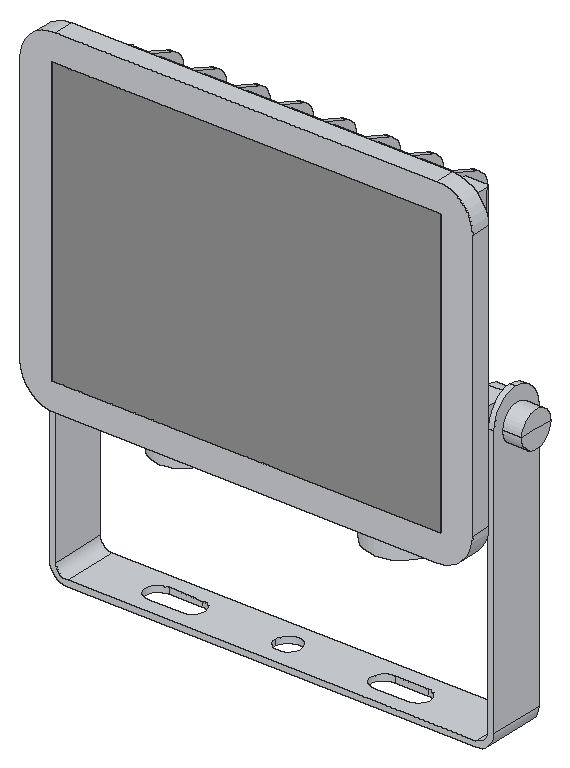
Revit family "0047102", category Lighting Fixtures, Revit 2017
Family settings
  Round Connector Dimension = Use Diameter
  Part Type = Normal
  OmniClass Number = 23.80.70.00
  OmniClass Title = Lighting
  Work Plane-Based = No
  Always vertical = Yes
  Cut with Voids When Loaded = No
  Light Source = Yes
  Shared = No
  Room Calculation Point = No
Parameters (values of type "0047102 SYLFLOOD IP65 1850LM 830 BLACK")
  Weight = "2.34 kg"
  Wattage = 18 W
  WarrantyStartDate [instance] = "n/a"
  WarrantyGuarantorParts = "n/a"
  WarrantyDurationUnit = "n/a"
  WarrantyDurationParts = "n/a"
  WarrantyDescription = "n/a"
  built-in parameter 1150110 = 1 (stored number, unit not read)
  Voltage = 0 V
  URL = "http://www.sylvania-lighting.com"
  TypeName = "SylFlood IP65 1850LM 830 Black"
  built-in parameter 1114217 = 1 (stored number, unit not read)
  Tilt Angle = 0.00°
  built-in parameter 1150109 = 1 (stored number, unit not read)
  built-in parameter 1150134 = (empty or 0)
  built-in parameter 1150113 = 1 (stored number, unit not read)
  SerialNumber [instance] = "n/a"
  PowerFactor = 0.9
  PowerConsumption = "18 W"
  Photometric Web File = "0047102.ies"
  NominalWidth = 0 mm
  NominalLength = 110 mm
  NominalHeight = 26 mm
  Name = "SylFlood IP65 1850LM 830 Black"
  ModelReference = "SylFlood IP65 1850LM 830 Black"
  ModelNumber = "0047102"
  Model = "SylFlood IP65 1850LM 830 Black"
  Material_4_FEILO = none
  Material_3_FEILO = none
  Material_2_FEILO = Default New Material
  Material_1_FEILO = none
  Material = "n/a"
  ManufacturerName = "Feilo Sylvania"
  Manufacturer = "Feilo Sylvania"
  LuminousEfficacy = "103 lm/W"
  Lumens = 1854 lm
  LuminaireType = ""
  built-in parameter 1150115 = 1 (stored number, unit not read)
  built-in parameter 1150105 = -1333545.1 (stored number, unit not read)
  LightOutputRatio = "n/a"
  built-in parameter 1150137 = (empty or 0)
  built-in parameter 1150139 = (empty or 0)
  LampsType = "LED"
  LampNominalLuminous = "1850 lm"
  LampMacAdamStep = "5"
  LampColourTemperature = "3000 K"
  LampColourRenderingIndex = "80"
  built-in parameter 1150112 = 1 (stored number, unit not read)
  built-in parameter 1150114 = 1 (stored number, unit not read)
  Lamp = "LED"
  LUM_WIDTH_SYL = 57 mm  # constant formula
  LUM_HEIGHT_SYL = 43 mm  # constant formula
  LUM_EXTR_ST_SYL = -5 mm
  LUM_EXTR_END_SYL = 0 mm
  LUM_DEPTH_SYL = 28 mm
  Keynote = "16500"
  InstallationDate [instance] = "n/a"
  InputVoltage = "n/a"
  InputNominalFrequency = "n/a"
  built-in parameter 1150132 = 2
  built-in parameter 1150102 = (empty or 0)
  built-in parameter 1150138 = (empty or 0)
  built-in parameter 1150107 = 3000 (stored number, unit not read)
  IngressProtection = "IP65"
  ImpactProtectionIndex = "IK06"
  built-in parameter 1150106 = -13335.5 (stored number, unit not read)
  IfcExportType = "IfcLightFixtureType"
  IfcExportAs = "IfcLightFixtureType"
  ElectricShockClassification = "Class I"
  built-in parameter 1150104 = 9.569 (stored number, unit not read)
  DocumentationLiterature = "http://www.sylvania-lighting.com/product/en-int/products/0047102"
  DimmingControlOptions = "n/a"
  Dimming Lamp Color Temperature Shift = <None>
  DIF_WIDTH_SYL = 49 mm  # constant formula
  DIF_HEIGHT_SYL = 36 mm  # constant formula
  CreatedOn = "44168"
  CreatedBy = "@sylvania-lighting.com"
  Color Filter = 16777215
  ClassificationValue = "EF_70_80"
  ClassificationName = "Uniclass2015"
  CABLE_SIDE_DIST_SYL = 28.5 mm
  CABLE_LENGTH_SYL = 5 mm
  CABLE_FRONT_DIST_SYL = 17.5 mm
  CABLES_DIST_SYL = 56 mm
  BarCode [instance] = "n/a"
  built-in parameter 1114218 = 1 (stored number, unit not read)
  B_RAIL_R_DIST_SYL = 7 mm
  B_RAIL_HEIGHT_SYL = 27 mm
  B_RAIL_DEPTH_SYL = 44 mm
  B_RAIL_CHAMFER_SYL = 7 mm
  BRACKET_HOLDER_WIDTH_SYL = 12 mm
  BRACKET_HOLDER_HEIGHT_SYL = 17 mm
  BRACKET_HOLDER_DIST_SIDE_SYL = 2.8 mm
  BRACKET_HOLDER_DIST_BOTT_SYL = 22 mm
  BRACKET_HOLDER_DEPTH_SYL = 5.7 mm
  BOX_WIDTH_SYL = 45.5 mm
  BOX_TOP_DIST_SYL = 10.5 mm
  BOX_DEPTH_SYL = 14 mm
  BOX_BOTT_DIST_SYL = 28 mm
  BACK_RAIL_WIDTH_SYL = 1.4 mm
  BACK_RAIL_SIDE_DIST_SYL = 18 mm
  BACK_PL_EXTR_ST_SYL = -6 mm
  BACK_PL_EXTR_ST(-1)_SYL = BACK_PL_EXTR_ST_SYL * (-1)  # 6 mm
  BACK_PL_EXTR_END_SYL = -3 mm
  BACK_PL_EXTR_END(-1)_SYL = BACK_PL_EXTR_END_SYL * (-1)  # 3 mm
  built-in parameter 1150133 = 10 (stored number, unit not read)
  AssetType = "Fixed"
  AssetIdentifier [instance] = "n/a"
  Assembly Code = "D5020200"
  Apparent Load = 18 VA
  0_18W_SYL = yes
Types (2, lengths in mm): name | TypeName | built-in parameter 1150134 | Photometric Web File | Name | ModelReference | ModelNumber | Model | LuminousEfficacy | Lumens | built-in parameter 1150105 | LampNominalLuminous | LampColourTemperature | built-in parameter 1150107 | built-in parameter 1150106 | built-in parameter 1150104 | DocumentationLiterature
  0047103 SYLFLOOD IP65 2000LM 840 BLACK | "SylFlood IP65 2000LM 840 Black" | 12 | "0047103.ies" | "SylFlood IP65 2000LM 840 Black" | "SylFlood IP65 2000LM 840 Black" | "0047103" | "SylFlood IP65 2000LM 840 Black" | "111 lm/W" | 1998 lm | -1553644.8 (stored number, unit not read) | "2000 lm" | "4000 K" | 4000 (stored number, unit not read) | -15536.4 (stored number, unit not read) | 10.312 (stored number, unit not read) | "http://www.sylvania-lighting.com/product/en-int/products/0047103"
  0047102 SYLFLOOD IP65 1850LM 830 BLACK | "SylFlood IP65 1850LM 830 Black" | (empty or 0) | "0047102.ies" | "SylFlood IP65 1850LM 830 Black" | "SylFlood IP65 1850LM 830 Black" | "0047102" | "SylFlood IP65 1850LM 830 Black" | "103 lm/W" | 1854 lm | -1333545.1 (stored number, unit not read) | "1850 lm" | "3000 K" | 3000 (stored number, unit not read) | -13335.5 (stored number, unit not read) | 9.569 (stored number, unit not read) | "http://www.sylvania-lighting.com/product/en-int/products/0047102"
Reference planes
  plane 1 "Light Source Axis (F/B)": y = 0
  plane 2: z = 0
  plane 3 "Light Source Axis (L/R)": x = 0
  plane 4 "Light Source Elevation": z = -0.469
  plane 5: x = 57
  plane 6: x = -57
  plane 7: z = 43
  plane 8: z = -43
  plane 9: x = 49
  plane 10: x = -49
  plane 11: z = 36
  plane 12: z = -36
  plane 13: y = 6
  plane 14: y = 3
  plane 15: x = -45.5
  plane 16: x = 45.5
  plane 17: y = 20
  plane 18: z = 32.5
  plane 19: z = -15
  plane 20: y = 28
  plane 21: z = -21
  plane 22: z = -9
  plane 23: y = 21
  plane 24: x = 54.2
  plane 25: x = 39.5
  plane 26: x = 28.5
  plane 27: x = -27.5
  plane 28: y = 14
  plane 29: z = -38
  plane 30: y = 27
  plane 31: z = 29
  plane 32: z = 22
  plane 33: x = 39
  plane 34: x = 37.6
  plane 35: x = 30.6
  plane 36: x = 20.8
  plane 37: x = 13.8
  plane 38: x = 12.4
  plane 39: x = 5.4
  plane 40: x = 4
  plane 41: z = -50.4
Forms (mm)
  Extrusion 1, solid
    sketch origin (0, 0, 0) x (1, 0, 0) y (0, 0, 1)
      loop
        arc (-48, 43) -> (-54.364, 40.364) -> (-57, 34) r 9
        line (-57, 34) -> (-57, -34)
        arc (-57, -34) -> (-54.364, -40.364) -> (-48, -43) r 9
        line (-48, -43) -> (48, -43)
        arc (48, -43) -> (54.364, -40.364) -> (57, -34) r 9
        line (57, -34) -> (57, 34)
        arc (57, 34) -> (54.364, 40.364) -> (48, 43) r 9
        line (48, 43) -> (-48, 43)
      loop
        line (-49, 36) -> (-49, -36) -> (49, -36) -> (49, 36) -> (-49, 36)
    from -5 <- "LUM_EXTR_ST_SYL" to 0 <- "LUM_EXTR_END_SYL"
  Extrusion 2, solid, material "Default New Material" <- "Material_2_FEILO"
    sketch origin (0, 0, 0) x (1, 0, 0) y (0, 0, 1)
      loop
        line (-49, 36) -> (-49, -36) -> (49, -36) -> (49, 36) -> (-49, 36)
    from -3 <- "BACK_PL_EXTR_END_SYL" to 0 <- "LUM_EXTR_END_SYL"
  Extrusion 3, solid
    sketch origin (0, 0, 0) x (1, 0, 0) y (0, 0, 1)
      loop
        line (49, 36) -> (-49, 36) -> (-49, -36) -> (49, -36) -> (49, 36)
    from -6 <- "BACK_PL_EXTR_ST_SYL" to -3 <- "BACK_PL_EXTR_END_SYL"
  Extrusion 4, solid
    sketch origin (0, 0, 0) x (1, 0, 0) y (0, 1, 0)
      loop
        arc (-44.5, 20) -> (-45.207, 19.707) -> (-45.5, 19) r 1
        line (-45.5, 19) -> (-45.5, 6) -> (45.5, 6) -> (45.5, 19)
        arc (45.5, 19) -> (45.207, 19.707) -> (44.5, 20) r 1
        line (44.5, 20) -> (-44.5, 20)
    from -15 to 32.5
  Extrusion 5, solid
    sketch origin (0, 0, 0) x (1, 0, 0) y (0, 1, 0)
      loop
        arc (-31.5, 28) -> (-41.399, 23.899) -> (-45.5, 14) r 14
        line (-45.5, 14) -> (-45.5, 6) -> (45.5, 6) -> (45.5, 14)
        arc (45.5, 14) -> (41.399, 23.899) -> (31.5, 28) r 14
        line (31.5, 28) -> (-31.5, 28)
    from -36 to -15
  Extrusion 6, solid
    sketch origin (0, 0, 0) x (0, 1, 0) y (0, 0, 1)
      loop
        line (5, -9) -> (5, -21) -> (15, -21)
        arc (15, -21) -> (19.243, -19.243) -> (21, -15) r 6
        arc (21, -15) -> (19.243, -10.757) -> (15, -9) r 6
        line (15, -9) -> (5, -9)
      loop
        circle (15, -15) r 2.5
    from 49 to 54.502
  Extrusion 7, solid
    sketch origin (0, 0, 0) x (1, 0, 0) y (0, 1, 0)
      loop
        circle (-27.5, 14) r 7
      loop
        circle (28.5, 14) r 9
    from -50.4 to -36
  Extrusion 8, solid
    sketch origin (1.583, 5.639, -10.469) x (0, 1, 0) y (0, 0, -1)
      loop
        line (-0.625, 4.531) -> (-0.625, -22) -> (-0.625, -49.48) -> (18.047, -42.313)
        arc (18.047, -42.313) -> (20.09, -40.922) -> (21.299, -38.767) r 5.397
        line (21.299, -38.767) -> (21.299, 4.531) -> (-0.625, 4.531)
    from -37.417 to -36.017
  Extrusion 9, solid
    sketch origin (0, 0, 0) x (0, 1, 0) y (0, 0, -1)
      loop
        line (5, 9) -> (15, 9)
        arc (15, 9) -> (19.243, 10.757) -> (21, 15) r 6
        arc (21, 15) -> (19.243, 19.243) -> (15, 21) r 6
        line (15, 21) -> (5, 21) -> (5, 9)
      loop
        circle (15, 15) r 2.5
    from 49 to 54.502
  Extrusion 10, solid
    sketch origin (-1.583, 5.639, -10.469) x (0, 1, 0) y (0, 0, 1)
      loop
        line (-0.625, -4.531) -> (21.299, -4.531) -> (21.299, 38.767)
        arc (21.299, 38.767) -> (20.09, 40.922) -> (18.047, 42.313) r 5.397
        line (18.047, 42.313) -> (-0.625, 49.48) -> (-0.625, 22) -> (-0.625, -4.531)
    from -37.417 to -36.017
  Extrusion 11, solid
    sketch origin (-75.017, 5.639, -10.469) x (0, 1, 0) y (0, 0, -1)
      loop
        line (-0.625, 4.531) -> (-0.625, -22) -> (-0.625, -49.48) -> (18.047, -42.313)
        arc (18.047, -42.313) -> (20.09, -40.922) -> (21.299, -38.767) r 5.397
        line (21.299, -38.767) -> (21.299, 4.531) -> (-0.625, 4.531)
    from -37.417 to -36.017
  Extrusion 12, solid
    sketch origin (-9.36, 5.639, -10.469) x (0, 1, 0) y (0, 0, -1)
      loop
        line (-0.625, 4.531) -> (-0.625, -22) -> (-0.625, -49.48) -> (18.047, -42.313)
        arc (18.047, -42.313) -> (20.09, -40.922) -> (21.299, -38.767) r 5.397
        line (21.299, -38.767) -> (21.299, 4.531) -> (-0.625, 4.531)
    from -37.417 to -36.017
  Extrusion 13, solid
    sketch origin (-20.302, 5.639, -10.469) x (0, 1, 0) y (0, 0, -1)
      loop
        line (-0.625, 4.531) -> (-0.625, -22) -> (-0.625, -49.48) -> (18.047, -42.313)
        arc (18.047, -42.313) -> (20.09, -40.922) -> (21.299, -38.767) r 5.397
        line (21.299, -38.767) -> (21.299, 4.531) -> (-0.625, 4.531)
    from -37.417 to -36.017
  Extrusion 14, solid
    sketch origin (-31.245, 5.639, -10.469) x (0, 1, 0) y (0, 0, -1)
      loop
        line (-0.625, 4.531) -> (-0.625, -22) -> (-0.625, -49.48) -> (18.047, -42.313)
        arc (18.047, -42.313) -> (20.09, -40.922) -> (21.299, -38.767) r 5.397
        line (21.299, -38.767) -> (21.299, 4.531) -> (-0.625, 4.531)
    from -37.417 to -36.017
  Extrusion 15, solid
    sketch origin (-42.188, 5.639, -10.469) x (0, 1, 0) y (0, 0, -1)
      loop
        line (-0.625, 4.531) -> (-0.625, -22) -> (-0.625, -49.48) -> (18.047, -42.313)
        arc (18.047, -42.313) -> (20.09, -40.922) -> (21.299, -38.767) r 5.397
        line (21.299, -38.767) -> (21.299, 4.531) -> (-0.625, 4.531)
    from -37.417 to -36.017
  Extrusion 16, solid
    sketch origin (-53.131, 5.639, -10.469) x (0, 1, 0) y (0, 0, -1)
      loop
        line (-0.625, 4.531) -> (-0.625, -22) -> (-0.625, -49.48) -> (18.047, -42.313)
        arc (18.047, -42.313) -> (20.09, -40.922) -> (21.299, -38.767) r 5.397
        line (21.299, -38.767) -> (21.299, 4.531) -> (-0.625, 4.531)
    from -37.417 to -36.017
  Extrusion 17, solid
    sketch origin (-64.074, 5.639, -10.469) x (0, 1, 0) y (0, 0, -1)
      loop
        line (-0.625, 4.531) -> (-0.625, -22) -> (-0.625, -49.48) -> (18.047, -42.313)
        arc (18.047, -42.313) -> (20.09, -40.922) -> (21.299, -38.767) r 5.397
        line (21.299, -38.767) -> (21.299, 4.531) -> (-0.625, 4.531)
    from -37.417 to -36.017
Cuts and joins
  joined: Extrusion 1, Extrusion 3, Extrusion 4, Extrusion 5
Dimensions and locks
  "LUM_WIDTH_SYL": plane 5 to plane 3 "Light Source Axis (L/R)" to plane 6
  "LUM_HEIGHT_SYL": plane 7 to plane 2 to plane 8
  "DIF_WIDTH_SYL": plane 9 to plane 3 "Light Source Axis (L/R)" to plane 10
  "DIF_HEIGHT_SYL": plane 11 to plane 2 to plane 12
  "BACK_PL_EXTR_ST(-1)_SYL": plane 1 "Light Source Axis (F/B)" to plane 13
  "BACK_PL_EXTR_END(-1)_SYL": plane 1 "Light Source Axis (F/B)" to plane 14
  "BOX_WIDTH_SYL": plane 15 to plane 3 "Light Source Axis (L/R)" to plane 16
  "BOX_DEPTH_SYL": plane 13 to plane 17
  "BOX_TOP_DIST_SYL": plane 18 to plane 7
  "BOX_BOTT_DIST_SYL": plane 8 to plane 19
  "LUM_DEPTH_SYL": plane 1 "Light Source Axis (F/B)" to plane 20
  "BRACKET_HOLDER_DIST_BOTT_SYL": plane 21 to plane 8
  "BRACKET_HOLDER_WIDTH_SYL": plane 22 to plane 21
  cut or joined group of Extrusion 1, Extrusion 3, Extrusion 4, Extrusion 5 to plane 23 = 15 mm
  locked: cut or joined group of Extrusion 1, Extrusion 3, Extrusion 4, Extrusion 5 to plane 24 at 2.8
  plane 25 to plane 24 = 14.7 mm
  "CABLES_DIST_SYL": plane 27 to plane 26
  "CABLE_SIDE_DIST_SYL": plane 26 to plane 5
  cut or joined group of Extrusion 1, Extrusion 3, Extrusion 4, Extrusion 5 to plane 28 = 14 mm
  locked: cut or joined group of Extrusion 1, Extrusion 3, Extrusion 4, Extrusion 5 to plane 29 at 5
  "B_RAIL_HEIGHT_SYL": plane 30 to plane 1 "Light Source Axis (F/B)"
  "B_RAIL_DEPTH_SYL": plane 31 to plane 19
  "B_RAIL_CHAMFER_SYL": plane 31 to plane 32
  "BACK_RAIL_SIDE_DIST_SYL": plane 5 to plane 33
  "BACK_RAIL_WIDTH_SYL": plane 33 to plane 34
  "B_RAIL_R_DIST_SYL": plane 34 to plane 35
  "B_RAIL_R_DIST_SYL": plane 36 to plane 37
  "BACK_RAIL_WIDTH_SYL": plane 37 to plane 38
  "BACK_RAIL_WIDTH_SYL": plane 39 to plane 40
  "B_RAIL_R_DIST_SYL": plane 38 to plane 39
  plane 35 to plane 26 = 2.1 mm
  equal spacing: group 2, group 8, group 7, group 6, group 5, group 4, group 3, group 1
  equal spacing: group 1, group 3, group 4, group 5, group 6, group 7, group 8, group 2  (x2)
  aligned and locked: plane 4 "Light Source Elevation" to imposter light
  aligned and locked: level to plane 2
  aligned and locked: Extrusion 1 sketch curve to plane 7
  aligned and locked: plane 6 to Extrusion 1 sketch curve
  aligned and locked: plane 8 to Extrusion 1 sketch curve
  aligned and locked: Extrusion 1 sketch curve to plane 5
  aligned and locked: Extrusion 1 sketch curve to plane 11
  aligned and locked: plane 10 to Extrusion 1 sketch curve
  aligned and locked: plane 12 to Extrusion 1 sketch curve
  aligned and locked: Extrusion 1 sketch curve to plane 9
  aligned and locked: Extrusion 2 sketch curve to Extrusion 1  (x4)
  aligned and locked: Extrusion 3 sketch curve to Extrusion 1  (x4)
  aligned and locked: Extrusion 3 to Extrusion 2
  aligned and locked: plane 17 to Extrusion 4 sketch curve
  aligned and locked: plane 15 to Extrusion 4 sketch curve
  aligned and locked: Extrusion 4 sketch curve to plane 13
  aligned and locked: Extrusion 4 sketch curve to plane 16
  aligned and locked: plane 18 to Extrusion 4
  aligned and locked: Extrusion 4 to plane 19
  aligned and locked: plane 20 to Extrusion 5 sketch curve
  aligned and locked: plane 15 to Extrusion 5 sketch curve
  aligned and locked: cut or joined group of Extrusion 1, Extrusion 3, Extrusion 4, Extrusion 5 to Extrusion 5 sketch curve
  aligned and locked: Extrusion 5 sketch curve to cut or joined group of Extrusion 1, Extrusion 3, Extrusion 4, Extrusion 5
  aligned and locked: plane 19 to Extrusion 5
  aligned and locked: Extrusion 5 to plane 12
  aligned and locked: Extrusion 6 sketch curve to plane 22
  aligned and locked: plane 21 to Extrusion 6 sketch curve
  aligned and locked: Extrusion 7 to Extrusion 2
  aligned and locked: Extrusion 6 to cut or joined group of Extrusion 1, Extrusion 3, Extrusion 4, Extrusion 5
  aligned and locked: plane 33 to Extrusion 8
  aligned and locked: Extrusion 8 to plane 34
  aligned and locked: Extrusion 7 to plane 41
Automatic sketch dimensions
  plane 10 to Extrusion 1 sketch curve = 1 mm  (x2)
  Extrusion 1 sketch curve to plane 25 = 8.5 mm  (x2)
  plane 15 to Extrusion 4 sketch curve = 1 mm
  Extrusion 4 sketch curve to plane 16 = 1 mm
  Extrusion 5 sketch curve to plane 15 = 0 mm
  Extrusion 5 sketch curve to plane 28 = 0 mm  (x2)
  Extrusion 6 sketch curve to Extrusion 6 sketch curve = 0 mm  (x5)
  Extrusion 6 sketch curve to plane 23 = 0 mm
  plane 13 to Extrusion 6 sketch curve = 1 mm
  Extrusion 7 sketch curve to plane 27 = 0 mm
  Extrusion 7 sketch curve to plane 26 = 0 mm
  Extrusion 7 sketch curve to plane 28 = 0 mm  (x2)
  Extrusion 9 sketch curve to Extrusion 9 sketch curve = 0 mm  (x6)
  Extrusion 9 sketch curve to plane 21 = 0 mm
  Extrusion 9 sketch curve to plane 22 = 0 mm
  Extrusion 9 sketch curve to plane 23 = 0 mm
  plane 13 to Extrusion 9 sketch curve = 1 mm
  Extrusion 10 sketch curve to plane 19 = 0 mm
  plane 13 to Extrusion 10 sketch curve = 0.986 mm
  Extrusion 10 sketch curve to plane 23 = 0.751 mm
  Extrusion 10 sketch curve to plane 18 = 0.656 mm
  Extrusion 10 sketch curve to plane 23 = 2.685 mm
  plane 30 to Extrusion 10 sketch curve = 0.062 mm
  Extrusion 10 sketch curve to plane 32 = 10.469 mm
  Extrusion 10 sketch curve to plane 31 = 2.195 mm
  Extrusion 8 sketch curve to Extrusion 8 sketch curve = 16.737 mm
  Extrusion 8 sketch curve to Extrusion 8 sketch curve = 1.934 mm
  Extrusion 8 sketch curve to Extrusion 8 sketch curve = 21.924 mm
  Extrusion 8 sketch curve to Extrusion 8 sketch curve = 7.167 mm
  Extrusion 8 sketch curve to Extrusion 8 sketch curve = 15.274 mm
  Extrusion 8 sketch curve to Extrusion 8 sketch curve = 26.531 mm
  Extrusion 11 sketch curve to Extrusion 11 sketch curve = 16.737 mm
  Extrusion 11 sketch curve to Extrusion 11 sketch curve = 1.934 mm
  Extrusion 11 sketch curve to Extrusion 11 sketch curve = 21.924 mm
  Extrusion 11 sketch curve to Extrusion 11 sketch curve = 7.167 mm
  Extrusion 11 sketch curve to Extrusion 11 sketch curve = 15.274 mm
  Extrusion 11 sketch curve to Extrusion 11 sketch curve = 26.531 mm
  Extrusion 12 sketch curve to Extrusion 12 sketch curve = 16.737 mm
  Extrusion 12 sketch curve to Extrusion 12 sketch curve = 1.934 mm
  Extrusion 12 sketch curve to Extrusion 12 sketch curve = 21.924 mm
  Extrusion 12 sketch curve to Extrusion 12 sketch curve = 7.167 mm
  Extrusion 12 sketch curve to Extrusion 12 sketch curve = 15.274 mm
  Extrusion 12 sketch curve to Extrusion 12 sketch curve = 26.531 mm
  Extrusion 13 sketch curve to Extrusion 13 sketch curve = 16.737 mm
  Extrusion 13 sketch curve to Extrusion 13 sketch curve = 1.934 mm
  Extrusion 13 sketch curve to Extrusion 13 sketch curve = 21.924 mm
  Extrusion 13 sketch curve to Extrusion 13 sketch curve = 7.167 mm
  Extrusion 13 sketch curve to Extrusion 13 sketch curve = 15.274 mm
  Extrusion 13 sketch curve to Extrusion 13 sketch curve = 26.531 mm
  Extrusion 14 sketch curve to Extrusion 14 sketch curve = 16.737 mm
  Extrusion 14 sketch curve to Extrusion 14 sketch curve = 1.934 mm
  Extrusion 14 sketch curve to Extrusion 14 sketch curve = 21.924 mm
  Extrusion 14 sketch curve to Extrusion 14 sketch curve = 7.167 mm
  Extrusion 14 sketch curve to Extrusion 14 sketch curve = 15.274 mm
  Extrusion 14 sketch curve to Extrusion 14 sketch curve = 26.531 mm
  Extrusion 15 sketch curve to Extrusion 15 sketch curve = 16.737 mm
  Extrusion 15 sketch curve to Extrusion 15 sketch curve = 1.934 mm
  Extrusion 15 sketch curve to Extrusion 15 sketch curve = 21.924 mm
  Extrusion 15 sketch curve to Extrusion 15 sketch curve = 7.167 mm
  Extrusion 15 sketch curve to Extrusion 15 sketch curve = 15.274 mm
  Extrusion 15 sketch curve to Extrusion 15 sketch curve = 26.531 mm
  Extrusion 16 sketch curve to Extrusion 16 sketch curve = 16.737 mm
  Extrusion 16 sketch curve to Extrusion 16 sketch curve = 1.934 mm
  Extrusion 16 sketch curve to Extrusion 16 sketch curve = 21.924 mm
  Extrusion 16 sketch curve to Extrusion 16 sketch curve = 7.167 mm
  Extrusion 16 sketch curve to Extrusion 16 sketch curve = 15.274 mm
  Extrusion 16 sketch curve to Extrusion 16 sketch curve = 26.531 mm
  Extrusion 17 sketch curve to Extrusion 17 sketch curve = 16.737 mm
  Extrusion 17 sketch curve to Extrusion 17 sketch curve = 1.934 mm
  Extrusion 17 sketch curve to Extrusion 17 sketch curve = 21.924 mm
  Extrusion 17 sketch curve to Extrusion 17 sketch curve = 7.167 mm
  Extrusion 17 sketch curve to Extrusion 17 sketch curve = 15.274 mm
  Extrusion 17 sketch curve to Extrusion 17 sketch curve = 26.531 mm
  radius of Extrusion 6 sketch curve = 2.5 mm
  radius of Extrusion 7 sketch curve = 7 mm
  radius of Extrusion 7 sketch curve = 9 mm
  radius of Extrusion 9 sketch curve = 2.5 mm
Nested families
  nested 1: "START Flood Flat - 18W_bracket" at (-1.484, 15.014, -49.447), type "START Flood Flat - 18W_bracket"
  nested 2: "bolt" at (56.016, 15.094, -14.947), type "bolt"
  nested 3: "bolt" at (-55.984, 15.066, -14.947) x (-1, 0, 0) z (0, 0, 1), type "bolt"
Definition of nested family "START Flood Flat - 18W_bracket"
  Parameters (values of type "START Flood Flat - 18W_bracket")
    WIDTH_SYL = 112 mm
    WIDTH/2_SYL = WIDTH_SYL / 2  # 56 mm
    THICKNESS_SYL = 1.5 mm
    Material_4_SYL = none
    Material_3_SYL = none
    Material_2_SYL = none
    Material_1_SYL = none
    HOLE_DIST_SYL = 8.5 mm
    HOLE2_DIST_SYL = 8 mm
    HEIGHT_SYL = 80 mm
    FILLET_SYL = 7 mm
    DEPTH_2_SYL = -7 mm
    DEPTH_1_SYL = 7 mm
    CUTOUT_DIST_SYL = 24.2 mm
  Reference planes
    plane 1 "Center (Front/Back)": y = 0
    plane 2: z = 0
    plane 3 "Center (Left/Right)": x = 0
    plane 4: x = -54.5
    plane 5: x = 57.5
    plane 6: z = -37.5
    plane 7: z = 42.5
    plane 8: x = -53
    plane 9: z = -36
    plane 10: x = 56
    plane 11: z = 34.5
    plane 12: z = 35.5
    plane 13: x = 24.2
    plane 14: x = -24.2
    plane 15: x = 32.7
    plane 16: x = -32.7
  Forms (mm)
    Extrusion 1, solid
      sketch origin (0, 0, 0) x (1, 0, 0) y (0, 0, 1)
        loop
          arc (-54.5, -33) -> (-53.182, -36.182) -> (-50, -37.5) r 4.5
          line (-50, -37.5) -> (53, -37.5)
          arc (53, -37.5) -> (56.182, -36.182) -> (57.5, -33) r 4.5
          line (57.5, -33) -> (57.5, 42.5) -> (56, 42.5) -> (56, -33)
          arc (56, -33) -> (55.121, -35.121) -> (53, -36) r 3
          line (53, -36) -> (-50, -36)
          arc (-50, -36) -> (-52.121, -35.121) -> (-53, -33) r 3
          line (-53, -33) -> (-53, 42.5) -> (-54.5, 42.5) -> (-54.5, -33)
      from -7 <- "DEPTH_2_SYL" to 7 <- "DEPTH_1_SYL"
    Extrusion 2, void
      sketch origin (0, 0, 0) x (0, 1, 0) y (0, 0, 1)
        loop
          circle (0, 34.5) r 3.15
      from -54.5 to 57.5
    Extrusion 3, void
      sketch origin (0, 0, 0) x (0, 1, 0) y (0, 0, 1)
        loop
          line (7, 35.5) -> (14.83, 48.08) -> (-15.17, 48.08) -> (-7, 35.5)
          arc (-7, 35.5) -> (-4.95, 40.45) -> (0, 42.5) r 7
          arc (0, 42.5) -> (4.95, 40.45) -> (7, 35.5) r 7
      from -54.5 to 57.5
    Extrusion 4, void
      sketch origin (0, 0, 0) x (1, 0, 0) y (0, 1, 0)
        loop
          circle (0, 0) r 3.25
        loop
          arc (-32.7, 3.25) -> (-35.95, 0) -> (-32.7, -3.25) r 3.25
          line (-32.7, -3.25) -> (-24.2, -3.25)
          arc (-24.2, -3.25) -> (-20.95, 0) -> (-24.2, 3.25) r 3.25
          line (-24.2, 3.25) -> (-32.7, 3.25)
        loop
          line (24.2, -3.25) -> (32.7, -3.25)
          arc (32.7, -3.25) -> (35.95, 0) -> (32.7, 3.25) r 3.25
          line (32.7, 3.25) -> (24.2, 3.25)
          arc (24.2, 3.25) -> (20.95, 0) -> (24.2, -3.25) r 3.25
      from -54.767 to -28.006
  Cuts and joins
    Extrusion 2, Extrusion 3, Extrusion 4 cuts Extrusion 1
  Dimensions and locks
    "THICKNESS_SYL": plane 8 to plane 4
    "THICKNESS_SYL": plane 5 to plane 10
    "WIDTH_SYL": plane 5 to plane 4
    "HEIGHT_SYL": plane 7 to plane 6
    "FILLET_SYL": plane 7 to plane 12
    "CUTOUT_DIST_SYL": plane 14 to plane 3 "Center (Left/Right)" to plane 13
    "HOLE_DIST_SYL": plane 16 to plane 14
    "HOLE_DIST_SYL": plane 13 to plane 15
    "HOLE2_DIST_SYL": plane 7 to plane 11
    "WIDTH/2_SYL": plane 3 "Center (Left/Right)" to plane 10
    aligned and locked: level to plane 2
    aligned and locked: plane 4 to Extrusion 1 sketch curve
    aligned and locked: plane 6 to Extrusion 1 sketch curve
    aligned and locked: Extrusion 1 sketch curve to plane 5
    aligned and locked: plane 8 to Extrusion 1 sketch curve
    aligned and locked: plane 9 to Extrusion 1 sketch curve
    aligned and locked: Extrusion 1 sketch curve to plane 10
    aligned and locked: plane 7 to Extrusion 1 sketch curve  (x2)
    aligned and locked: Extrusion 1 to Extrusion 2  (x2)
    aligned and locked: Extrusion 1 to Extrusion 3
    aligned and locked: Extrusion 3 to Extrusion 1
  Automatic sketch dimensions
    Extrusion 1 sketch curve to Extrusion 1 sketch curve = 0 mm
    plane 8 to Extrusion 1 sketch curve = 3 mm
    Extrusion 1 sketch curve to plane 10 = 3 mm
    Extrusion 1 sketch curve to Extrusion 1 sketch curve = 3 mm
    Extrusion 2 sketch curve to plane 1 "Center (Front/Back)" = 0 mm
    Extrusion 2 sketch curve to plane 11 = 0 mm
    Extrusion 3 sketch curve to Extrusion 3 sketch curve = 0 mm
    Extrusion 3 sketch curve to plane 12 = 0 mm
    Extrusion 3 sketch curve to plane 1 "Center (Front/Back)" = 0 mm
    Extrusion 3 sketch curve to plane 7 = 0 mm
    Extrusion 3 sketch curve to Extrusion 3 sketch curve = 8.17 mm
    plane 7 to Extrusion 3 sketch curve = 5.58 mm
    Extrusion 3 sketch curve to Extrusion 3 sketch curve = 7.83 mm
    plane 1 "Center (Front/Back)" to Extrusion 4 sketch curve = 0 mm  (x3)
    Extrusion 4 sketch curve to plane 16 = 0 mm
    Extrusion 4 sketch curve to plane 14 = 0 mm
    Extrusion 4 sketch curve to plane 3 "Center (Left/Right)" = 0 mm
    Extrusion 4 sketch curve to plane 13 = 0 mm
    Extrusion 4 sketch curve to plane 15 = 0 mm
    plane 1 "Center (Front/Back)" to Extrusion 4 sketch curve = 3.25 mm  (x2)
    radius of Extrusion 2 sketch curve = 3.15 mm
    radius of Extrusion 4 sketch curve = 3.25 mm
Definition of nested family "bolt"
  Parameters (values of type "bolt")
    Material_4_SYL = none
    Material_3_SYL = none
    Material_2_SYL = none
    Material_1_SYL = none
  Reference planes
    plane 1 "Center (Front/Back)": y = 0
    plane 2: z = 0
    plane 3 "Center (Left/Right)": x = 0
    plane 4: x = 5
    plane 5: x = -10
    plane 6: y = 2.5
    plane 7: y = -2.5
    plane 8: y = 4.5
    plane 9: y = -4.5
  Forms (mm)
    Revolve 1, solid
      sketch origin (0, 0, 0) x (1, 0, 0) y (0, 1, 0)
        loop
          line (5, 0) -> (-10, 0) -> (-10, -2.5) -> (0, -2.5) -> (0, -4.5) -> (5, -4.5) -> (5, 0)
        axis (5, 0) -> (-10, 0)
      angle from 0 to 360
  Dimensions and locks
    aligned and locked: level to plane 2
